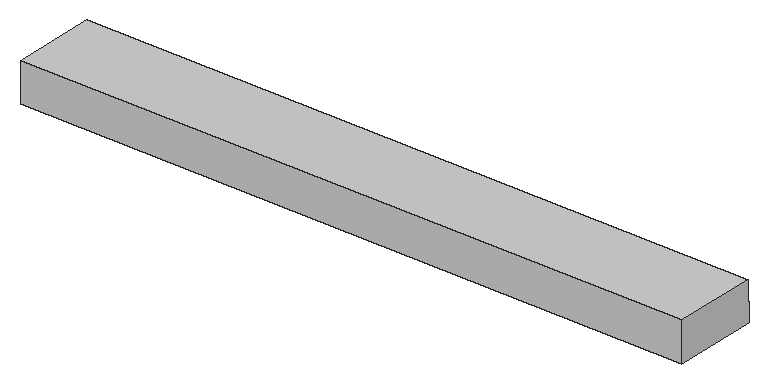
Revit family "Lum_Teto_Tubular_2_Sobrepor", category Lighting Fixtures, host Ceiling, Revit 2025
Family settings
  Host = Ceiling
  Round Connector Dimension = Use Diameter
  Part Type = Normal
  OmniClass Number = 23.80.70.11
  OmniClass Title = Luminaries for Internal Lighting
  Always vertical = Yes
  Cut with Voids When Loaded = No
  Light Source = Yes
  Maintain Annotation Orientation = No
  Shared = No
  Room Calculation Point = No
Parameters (values of type "Luminária_Tubular_Sobrepor_2_Lâmpadas")
  Wattage = 9.2903 W
  built-in parameter 1150110 = 1 (stored number, unit not read)
  built-in parameter 1114217 = 1 (stored number, unit not read)
  built-in parameter 1150109 = 1 (stored number, unit not read)
  Lumi_Material = CT_Luminaria
  Lumi_Largura_Interna = Lumi_Largura - 10 mm  # 140 mm
  Lumi_Largura = 150 mm
  Lumi_Comprimento = 1200 mm
  Lumi_Altura = 70 mm
  Emit from Line Length = Lumi_Comprimento - 200 mm  # 1000 mm
  Default Elevation = 0 mm
  built-in parameter 1150134 = (empty or 0)
  built-in parameter 1150113 = 1 (stored number, unit not read)
  Lumens = 1380 lm
  built-in parameter 1150115 = 1 (stored number, unit not read)
  built-in parameter 1150105 = 439.27 (stored number, unit not read)
  Light Source Symbol Size = Lumi_Largura - 20 mm  # 130 mm
  built-in parameter 1150137 = (empty or 0)
  built-in parameter 1150139 = (empty or 0)
  built-in parameter 1150112 = 1 (stored number, unit not read)
  built-in parameter 1150114 = 1 (stored number, unit not read)
  built-in parameter 1150132 = 2
  built-in parameter 1150102 = (empty or 0)
  built-in parameter 1150138 = (empty or 0)
  built-in parameter 1150107 = 3000 (stored number, unit not read)
  built-in parameter 1150106 = 4.3927 (stored number, unit not read)
  built-in parameter 1150104 = 13.8 (stored number, unit not read)
  Dimming Lamp Color Temperature Shift = <None>
  Color Filter = 16777215
  built-in parameter 1114218 = 1 (stored number, unit not read)
  built-in parameter 1150133 = 10 (stored number, unit not read)
Reference planes
  plane 1 "Eixo de origem da luz (F/T)": y = 0
  plane 2: z = 0
  plane 3 "Eixo de origem da luz (E/D)": x = 0
  plane 4 "Forro": z = 4000
  plane 5 "Elevação da origem da luz": z = 3930
  plane 6 "Tubo_E": x = -500
  plane 7 "Tubo_D": x = 500
  plane 8: y = 43.668
  plane 9: y = -43.668
Forms (mm)
  Extrusion 1, solid, material "CT_Luminaria" <- "Lumi_Material"
    sketch origin (0, 0, 4000) x (0, 1, 0) y (-1, 0, 0)
      loop
        line (75, 600) -> (-75, 600) -> (-75, -600) -> (75, -600) -> (75, 600)
    from 0 to -70
  Extrusion 2, void
    sketch origin (500, 0, 0) x (0, 1, 0) y (0, 0, 1)
      loop
        line (-70, 3923.108) -> (70, 3923.108) -> (70, 3946.252)
        arc (70, 3946.252) -> (-0.033, 3972.222) -> (-70, 3946.072) r 107.045
        line (-70, 3946.072) -> (-70, 3923.108)
    from 0 to -1000
Cuts and joins
  Extrusion 2 cuts Extrusion 1
Dimensions and locks
  equal spacing: host sketch curve, plane 3 "Eixo de origem da luz (E/D)", host sketch curve
  equal spacing: host sketch curve, plane 1 "Eixo de origem da luz (F/T)", host sketch curve
  host sketch curve to host sketch curve = 4000 mm  (x2)
  plane 4 "Forro" to host ceiling = 0 mm
  equal spacing: Extrusion 1 sketch curve, plane 3 "Eixo de origem da luz (E/D)", Extrusion 1 sketch curve
  equal spacing: Extrusion 1 sketch curve, plane 1 "Eixo de origem da luz (F/T)", Extrusion 1 sketch curve
  "Lumi_Largura": Extrusion 1 sketch curve to Extrusion 1 sketch curve
  "Lumi_Comprimento": Extrusion 1 sketch curve to Extrusion 1 sketch curve
  "Lumi_Altura": plane 5 "Elevação da origem da luz" to plane 4 "Forro"
  equal spacing: plane 6 "Tubo_E", plane 3 "Eixo de origem da luz (E/D)", plane 7 "Tubo_D"
  "Emit from Line Length": plane 6 "Tubo_E" to plane 7 "Tubo_D"
  equal spacing: Extrusion 2 sketch curve, plane 1 "Eixo de origem da luz (F/T)", Extrusion 2 sketch curve
  "Lumi_Largura_Interna": Extrusion 2 to Extrusion 2
  equal spacing: plane 8, plane 1 "Eixo de origem da luz (F/T)", plane 9
  aligned and locked: plane 5 "Elevação da origem da luz" to Extrusion 1
  aligned and locked: imposter light to plane 1 "Eixo de origem da luz (F/T)"
  aligned and locked: Extrusion 2 to plane 6 "Tubo_E"
Automatic sketch dimensions
  plane 5 "Elevação da origem da luz" to Extrusion 2 sketch curve = 6.892 mm
  Extrusion 2 sketch curve to plane 1 "Eixo de origem da luz (F/T)" = 0.104 mm
  plane 5 "Elevação da origem da luz" to Extrusion 2 sketch curve = 64.822 mm
  plane 1 "Eixo de origem da luz (F/T)" to Extrusion 2 sketch curve = 70 mm
  Extrusion 2 sketch curve to plane 5 "Elevação da origem da luz" = 16.072 mm
